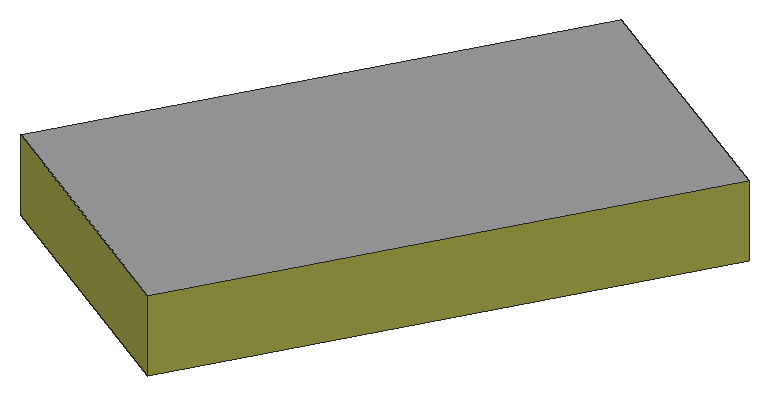
Revit family "2.KCPD_BE TRU", category Generic Models, Revit 2027
Family settings
  Can host rebar = Yes
  Round Connector Dimension = Use Diameter
  Part Type = Normal
  Work Plane-Based = No
  Always vertical = Yes
  Cut with Voids When Loaded = No
  Maintain Annotation Orientation = No
  Shared = No
  Room Calculation Point = No
Parameters
  Đơn vị = "CẤU KIỆN"
  Tọa độ Y(m) [instance] = 0
  Tọa độ X(m) [instance] = 0
  Tên nhóm cấu kiện [instance] = ""
  Tên cấu kiện [instance] = ""
  Tên công trình [instance] = ""
  Thời gian kết thúc [instance] = ""
  Thời gian bắt đầu [instance] = ""
  RebarVolumn [instance] = ""
  Keynote = "01000"
  Be_W [instance] = 9600 mm
  Nhóm cấu kiện = "TRỤ"
  Mô tả [instance] = ""
  Model Material = BÊ TÔNG C30
  Be_L [instance] = 17600 mm
  Loại cấu kiện = "BỆ TRỤ"
  Loại bê tông = "C30"
  Khối lượng bê tông [instance] = 0.00 m³
  Hạng mục = "KẾT CẤU PHẦN DƯỚI"
  Giá trị [instance] = ""
  Diện tích ván khuôn [instance] = 0.00 m²
  Diện tích quét chống thấm [instance] = 0.00 m²
  Cường độ chịu nén bê tông sau 28 ngày (MPa) [instance] = ""
  Công trình = "CẦU"
  Be_H [instance] = 2500 mm
  Default Elevation = 0 mm
  Cao độ đáy (m) [instance] = ""
  Góc xoay [instance] = 30.00°
  A100 [instance] = ""
Reference planes
  plane 1 "Center (Front/Back)": y = 0
  plane 2: z = 0
  plane 3 "Center (Left/Right)": x = 0
  plane 4: z = 2500
Forms (mm)
  Extrusion 1, solid, material "BÊ TÔNG C30" <- "Model Material"
    sketch origin (0, 0, 0) x (0.866025, -0.5, 0) y (0.5, 0.866025, 0)
      loop
        line (4800, -8800) -> (4800, 8800) -> (-4800, 8800) -> (-4800, -8800) -> (4800, -8800)
    from 0 to 2500
Lines and regions (mm)
  reference lines
    curve 1: line (0, 0, 0) -> (4330.127, -2500, 0)
    curve 2: line (4400, 7621.024, 0) -> (8730.127, 5121.024, 0)
    curve 3: line (-4400, -7621.024, 0) -> (-69.873, -10121.024, 0)
    curve 4: line (2304.38, -5608.697, 0) -> (6854.38, 2272.134, 0)
    curve 5: line (-6009.464, -808.697, 0) -> (-1459.464, 7072.134, 0)
Dimensions and locks
  "Be_H": level to plane 4
  equal spacing: curve 3, curve 1, curve 2
  "Be_L": curve 3 to curve 2
  equal spacing: curve 4, curve 1, curve 5
  "Be_W": curve 4 to curve 5
  "Góc xoay": angle curve 1 to plane 1 "Center (Front/Back)"
  aligned and locked: level to plane 2
  aligned and locked: plane 1 "Center (Front/Back)" to curve 1
  aligned and locked: Extrusion 1 to plane 4
  aligned and locked: Extrusion 1 sketch curve to curve 3
  aligned and locked: Extrusion 1 sketch curve to curve 4
  aligned and locked: Extrusion 1 sketch curve to curve 2
  aligned and locked: Extrusion 1 sketch curve to curve 5
Automatic sketch dimensions
  curve 1 to plane 3 "Center (Left/Right)" = 0 mm
  curve 3 to curve 1 = 0 mm  (x2)
  curve 1 to curve 2 = 0 mm  (x2)
  curve 1 to curve 5 = 3705.084 mm
  curve 4 to curve 1 = 3705.084 mm
  curve 1 to curve 4 = 5394.916 mm
  curve 1 to curve 5 = 5394.916 mm
